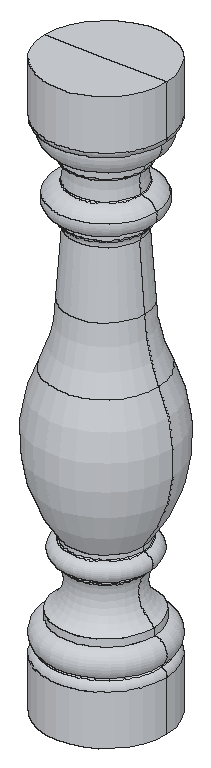
Revit family
Parameters (values of type "Balustrade G36")
  Width = 0' - 7 1/2"
  URL = "www.strombergarchitectural.com"
  Top Material = none
  Submittal Sheet = "www.strombergarchitectural.com/images/materials/gfrc/submittal/gfrc-submittal-sheet.pdf"
  Specifications = "www.strombergarchitectural.com/gfrcspecifications"
  Model Cut-sheet = "http://www.strombergarchitectural.com/products/balustrade/design/G36"
  Model = "Balustrade G36"
  Manufacturer = "Stromberg Architectural Products"
  Guidebook = "www.strombergarchitectural.com/images/materials/gfrc/handbooks/gfrc_guidebook.pdf   \r\n(http://www.strombergarchitectural.com/images/materials/gfrc/handbooks/gfrc_guidebook.pdf"
  Description = "GFRC Baluster"
  Assembly Code = ""
  Height = 3' - 0"
  XXX.5 = no
  XXX.4 = no
  XXX.3 = no
  XXX.2 = no
  XXX.1 = yes
Reference planes (in)
  plane 1 "Center (Front/Back)": y = 3.74847
  plane 2: z = 0
  plane 3 "Center (Left/Right)": x = 0.7278
  plane 4 "Front": y = -3.25153
  plane 5 "Back": y = 10.74847
  plane 6 "Left": x = -17.2722
  plane 7 "Right": x = 18.7278
Forms (in)
  Revolve 1, solid
    sketch origin (0, 3.74847, 0) x (1, 0, 0) y (0, 0, 1)
      loop
        line (0.7278, 36) -> (-3.0222, 36) -> (-3.0222, 32.875)
        arc (-3.0222, 32.875) -> (-2.92938, 32.63464) -> (-2.7097, 32.5) r 0.40204
        arc (-2.7097, 32.5) -> (-2.46143, 31.62942) -> (-1.7097, 31.125) r 1.31648
        line (-1.7097, 31.125) -> (-1.67051, 30.67705)
        arc (-1.67051, 30.67705) -> (-1.65479, 30.64079) -> (-1.62047, 30.6212) r 0.0625
        arc (-1.62047, 30.6212) -> (-1.52035, 30.58274) -> (-1.43878, 30.5131) r 0.31703
        arc (-1.43878, 30.5131) -> (-1.43039, 30.49998) -> (-1.4255, 30.4852) r 0.0625
        arc (-1.4255, 30.4852) -> (-1.366, 29.89357) -> (-1.41853, 29.30128) r 3.15625
        arc (-1.41853, 29.30128) -> (-1.43946, 29.26506) -> (-1.47854, 29.25016) r 0.0625
        arc (-1.47854, 29.25016) -> (-2.02489, 29.05765) -> (-2.3972, 28.61388) r 1.09781
        arc (-2.3972, 28.61388) -> (-2.29033, 27.97004) -> (-1.73348, 27.62967) r 0.78479
        arc (-1.73348, 27.62967) -> (-1.69419, 27.60909) -> (-1.67845, 27.56762) r 0.0625
        line (-1.67845, 27.56762) -> (-1.67845, 27.28222)
        arc (-1.67845, 27.28222) -> (-1.67183, 27.25424) -> (-1.65338, 27.23217) r 0.0625
        arc (-1.65338, 27.23217) -> (-1.47135, 27.01974) -> (-1.3972, 26.75) r 0.64066
        line (-1.3972, 26.75) -> (-1.68592, 22.75)
        arc (-1.68592, 22.75) -> (-1.91205, 20.82481) -> (-2.56594, 19) r 8.55198
        arc (-2.56594, 19) -> (-3.38639, 14.2969) -> (-1.5847, 9.87578) r 8.64244
        line (-1.5847, 9.87578) -> (-1.5847, 9.62483)
        arc (-1.5847, 9.62483) -> (-1.60178, 9.5819) -> (-1.64367, 9.56243) r 0.0625
        arc (-1.64367, 9.56243) -> (-2.14729, 9.02964) -> (-1.64382, 8.4967) r 0.53372
        arc (-1.64382, 8.4967) -> (-1.60408, 8.47727) -> (-1.5847, 8.4375) r 0.06799
        line (-1.5847, 8.4375) -> (-1.5847, 8.26714)
        arc (-1.5847, 8.26714) -> (-1.58251, 8.25074) -> (-1.5761, 8.2355) r 0.0625
        arc (-1.5761, 8.2355) -> (-1.37892, 6.78486) -> (-2.2722, 5.625) r 1.89908
        line (-2.2722, 5.625) -> (-2.2722, 5.1875)
        arc (-2.2722, 5.1875) -> (-3.00031, 4.59126) -> (-2.71718, 3.69378) r 0.83935
        arc (-2.71718, 3.69378) -> (-2.69898, 3.638) -> (-2.72976, 3.58805) r 0.0698
        arc (-2.72976, 3.58805) -> (-2.94438, 3.39972) -> (-3.0222, 3.125) r 0.50388
        line (-3.0222, 3.125) -> (-3.0222, 0) -> (0.7278, 0) -> (0.7278, 36)
      axis (0.7278, 36) -> (0.7278, 0)
    angle from 0 to 360
Dimensions and locks (in)
  aligned and locked: level to plane 2
